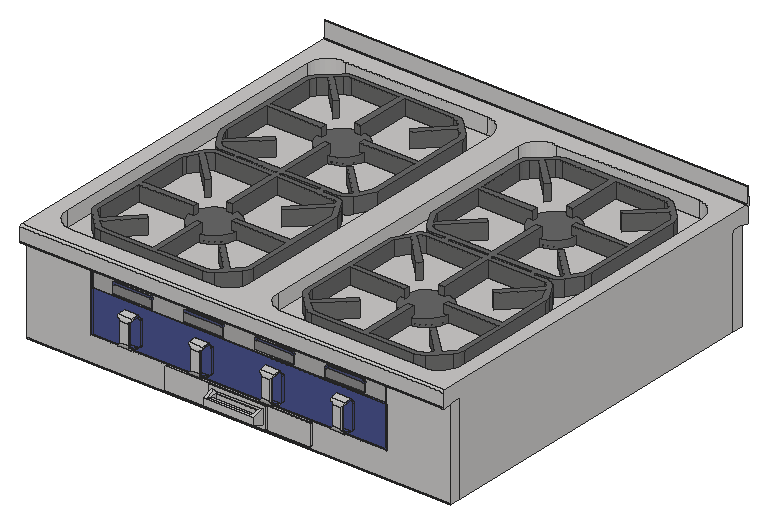
Revit family "QF_ELECTROLUXPROFESSIONAL_593314_MCGDACEOVI", category Specialty Equipment, Revit 2018
Family settings
  Round Connector Dimension = Use Diameter
  Part Type = Normal
  Work Plane-Based = No
  Always vertical = Yes
  Cut with Voids When Loaded = No
  Shared = No
  Room Calculation Point = No
Parameters (values of type "Standard")
  Weight = 41.00 kg
  Watts = 0 W
  Volts = 0 V
  URL Manufacturer = "http://professional.electrolux.com"
  URL = "http://professional.electrolux.com"
  Steam Supply Size = 0"
  Steam Supply Minimum Pressure = 0.00 psi
  Steam Supply Maximum Pressure = 0.00 psi
  Steam Pounds per Hour = 0
  Show Clearance [instance] = yes
  Refrigeration Suction Line Size = 0 mm
  Refrigeration Liquid Line Size = 0 mm
  Refrigerant Compressor Remote = yes
  Phase = 0
  Model = "MCGDACEOVI"
  Manufacturer = "Electrolux Professional"
  Length Actual = 500 mm  # constant formula
  Item Number = "593314"
  Hot Water Size = 0"
  Height Actual = 250 mm  # constant formula
  HP = "0 HP"
  Gas Size = 1/2"
  Gas KW = 17
  Gas Input Pressure = 1.63571 Btu/h
  Direct Waste Size = 0"
  Description = "GAS TOP,2B,TOWNGAS,ECO,2S,500X900X250"
  Depth Actual = 900 mm  # constant formula
  Cycle = 0 Hz
  Condensate Return Size = 0"
  Compressed Air Volume = 0 GPM
  Compressed Air Size = 0"
  Compressed Air Pressure = 0.00 psi
  Cold Water Size = 0"
  Back Panel [instance] = yes
  Accessory = yes
Reference planes
  plane 1 "BACK": y = 0
  plane 2: z = 0
  plane 3 "LEFT": x = 0
  plane 4 "RIGHT": x = 1000
  plane 5 "FRONT": y = -900
  plane 6 "TOP": z = 250
  plane 7: x = 500
  plane 8: y = -450
  plane 9: x = 965
  plane 10: y = -60.425
  plane 11: y = -1330
Forms (mm)
  Extrusion 1, solid, material "QF_Finishes_Stainless Steel"
    sketch origin (0, -487.128, 0) x (0, 1, 0) y (0, 0, 1)
      loop
        line (483.128, 250) -> (-408.872, 250)
        arc (-408.872, 250) -> (-411.7, 248.828) -> (-412.872, 246) r 4
        line (-412.872, 246) -> (-412.872, 214)
        arc (-412.872, 214) -> (-411.437, 210.931) -> (-408.161, 210.064) r 4
        line (-408.161, 210.064) -> (-392.872, 213) -> (-367.872, 213) -> (-367.872, 0) -> (441.714, 0) -> (441.714, 213) -> (465.765, 213) -> (482.433, 210.061)
        arc (482.433, 210.061) -> (485.699, 210.936) -> (487.128, 214) r 4
        line (487.128, 214) -> (487.128, 246)
        arc (487.128, 246) -> (485.956, 248.828) -> (483.128, 250) r 4
    from 0 to 1000
  Extrusion 2, solid, material "QF_Finishes_Stainless Steel", visible <- "Back Panel"
    sketch origin (0, 0.586, 0) x (0, 1, 0) y (0, 0, 1)
      loop
        line (-46, 0) -> (-21, 0) -> (-21, 212.833) -> (-21.949, 213) -> (-46, 213) -> (-46, 0)
    from 0 to 1000
  Extrusion 3, void
    sketch origin (653.786, 44.048, 250) x (1, 0, 0) y (0, -1, 0)
      loop
        line (-570.234, 89.462) -> (-234.333, 89.462)
        arc (-234.333, 89.462) -> (-199.707, 103.805) -> (-185.364, 138.432) r 48.97
        line (-185.364, 138.432) -> (-185.364, 850.078)
        arc (-185.364, 850.078) -> (-199.707, 884.705) -> (-234.333, 899.048) r 48.97
        line (-234.333, 899.048) -> (-570.234, 899.048)
        arc (-570.234, 899.048) -> (-605.59, 884.403) -> (-620.234, 849.048) r 50
        line (-620.234, 849.048) -> (-620.234, 139.462)
        arc (-620.234, 139.462) -> (-605.59, 104.107) -> (-570.234, 89.462) r 50
      loop
        line (264.679, 899.048) -> (-71.222, 899.048)
        arc (-71.222, 899.048) -> (-106.577, 884.403) -> (-121.222, 849.048) r 50
        line (-121.222, 849.048) -> (-121.222, 139.462)
        arc (-121.222, 139.462) -> (-106.577, 104.107) -> (-71.222, 89.462) r 50
        line (-71.222, 89.462) -> (264.679, 89.462)
        arc (264.679, 89.462) -> (299.306, 103.805) -> (313.649, 138.432) r 48.97
        line (313.649, 138.432) -> (313.649, 850.078)
        arc (313.649, 850.078) -> (299.306, 884.705) -> (264.679, 899.048) r 48.97
    from 0 to 37
  Extrusion 4, solid, material "QF_Finishes_Stainless Steel"
    sketch origin (10, -759, 0) x (1, 0, 0) y (0, -1, 0)
      loop
        circle (955, -169) r 6.35
    from 0 to 3.2
  Extrusion 5, solid, material "QF_Door-Drawer Clearances", visible <- "Show Clearance", detail levels coarse
    sketch origin (-178.969, -4572, 0) x (-1, 0, 0) y (0, -1, 0)
      loop
        line (-507.364, -3689.407) -> (-507.364, -3242) -> (-851.364, -3242) -> (-851.364, -3689.407) -> (-507.364, -3689.407)
    from 8.012 to 59.392
  Extrusion 6, solid, material "QF_Finishes_Stainless Steel"
    sketch origin (0, -950.048, 0) x (0, -1, 0) y (0, 0, -1)
      loop
        arc (-948.097, -252.006) -> (-947.511, -250.592) -> (-946.097, -250.006) r 2
        arc (-946.097, -250.006) -> (-948.877, -248.828) -> (-950.048, -246) r 4
        line (-950.048, -246) -> (-950.048, -288.006) -> (-948.097, -288.006) -> (-948.097, -252.006)
    from 0 to 1000
Cuts and joins
  Extrusion 3 cuts Extrusion 1
Lines and regions (mm)
  symbolic lines
    curve 1: line (0, 0, 0) -> (1000, 0, 0)
    curve 2: line (0, -900, 0) -> (0, 0, 0)
    curve 3: line (1000, -900, 0) -> (0, -900, 0)
    curve 4: line (1000, 0, 0) -> (1000, -900, 0)
    curve 5: arc (83.552, -855, 0) -> (48.197, -840.355, 0) -> (33.552, -805, 0) r 50
    curve 6: line (33.552, -805, 0) -> (33.552, -95.414, 0)
    curve 7: arc (33.552, -95.414, 0) -> (48.197, -60.059, 0) -> (83.552, -45.414, 0) r 50
    curve 8: line (83.552, -45.414, 0) -> (417.592, -45.414, 0)
    curve 9: arc (918.465, -45.414, 0) -> (953.092, -59.757, 0) -> (967.435, -94.384, 0) r 48.97
    curve 10: line (967.435, -94.384, 0) -> (967.435, -806.03, 0)
    curve 11: arc (967.435, -806.03, 0) -> (953.092, -840.657, 0) -> (918.465, -855, 0) r 48.97
    curve 12: line (918.465, -855, 0) -> (582.408, -855, 0)
    curve 13: line (582.408, -45.414, 0) -> (918.465, -45.414, 0)
    curve 14: line (417.592, -855, 0) -> (83.552, -855, 0)
    curve 15: arc (582.408, -855, 0) -> (547.053, -840.355, 0) -> (532.408, -805, 0) r 50
    curve 16: line (532.408, -805, 0) -> (532.408, -95.414, 0)
    curve 17: arc (532.408, -95.414, 0) -> (547.053, -60.059, 0) -> (582.408, -45.414, 0) r 50
    curve 18: arc (417.592, -855, 0) -> (452.947, -840.355, 0) -> (467.592, -805, 0) r 50
    curve 19: line (467.592, -805, 0) -> (467.592, -95.414, 0)
    curve 20: arc (467.592, -95.414, 0) -> (452.947, -60.059, 0) -> (417.592, -45.414, 0) r 50
    curve 21: line (0, -1.951, 0) -> (1000, -1.951, 0)
  symbolic lines, style "QF_Door-Drawer Clearances"
    curve 22: line (328.395, -900, 0) -> (328.395, -1330, 0)
    curve 23: line (328.395, -1330, 0) -> (672.395, -1330, 0)
    curve 24: line (672.395, -1330, 0) -> (672.395, -900, 0)
Dimensions and locks
  plane 3 "LEFT" to plane 4 "RIGHT" = 1000 mm
  plane 5 "FRONT" to plane 1 "BACK" = 900 mm
  equal spacing: plane 3 "LEFT", plane 7, plane 4 "RIGHT"
  equal spacing: plane 5 "FRONT", plane 8, plane 1 "BACK"
  plane 6 "TOP" to level = 250 mm  (x2)
  plane 1 "BACK" to plane 5 "FRONT" = 900 mm
  Extrusion 4 sketch curve to plane 1 "BACK" = 590 mm
  Extrusion 4 sketch curve to plane 4 "RIGHT" = 35 mm
  plane 1 "BACK" to Extrusion 4 = 590 mm
  plane 9 to plane 4 "RIGHT" = 35 mm
  plane 5 "FRONT" to plane 11 = 430 mm
  aligned and locked: level to plane 2
  aligned and locked: Extrusion 1 to plane 4 "RIGHT"
Automatic sketch dimensions
  Extrusion 1 sketch curve to plane 5 "FRONT" = 0 mm
  Extrusion 1 sketch curve to plane 6 "TOP" = 0 mm
  Extrusion 1 sketch curve to level = 0 mm
  Extrusion 1 sketch curve to plane 1 "BACK" = 0 mm
  Extrusion 1 sketch curve to plane 6 "TOP" = 37 mm  (x2)
  Extrusion 1 sketch curve to plane 5 "FRONT" = 4 mm
  Extrusion 1 sketch curve to plane 5 "FRONT" = 20 mm
  Extrusion 1 sketch curve to plane 5 "FRONT" = 45 mm
  plane 1 "BACK" to Extrusion 1 sketch curve = 21.363 mm
  plane 1 "BACK" to Extrusion 1 sketch curve = 4 mm  (x2)
  Extrusion 1 sketch curve to Extrusion 1 sketch curve = 4 mm
  Extrusion 1 sketch curve to Extrusion 1 sketch curve = 0.711 mm
  plane 1 "BACK" to Extrusion 1 sketch curve = 4.695 mm
  Extrusion 1 sketch curve to Extrusion 1 sketch curve = 0 mm  (x2)
  Extrusion 1 sketch curve to Extrusion 1 sketch curve = 1 mm  (x2)
  plane 1 "BACK" to Extrusion 1 sketch curve = 45.414 mm
  Extrusion 2 sketch curve to level = 0 mm
  plane 10 to Extrusion 2 sketch curve = 15.012 mm
  Extrusion 2 sketch curve to plane 6 "TOP" = 37.167 mm
  Extrusion 2 sketch curve to Extrusion 2 sketch curve = 0.949 mm
  plane 1 "BACK" to Extrusion 2 sketch curve = 20.414 mm
  Extrusion 2 sketch curve to plane 6 "TOP" = 37 mm
  Extrusion 5 sketch curve to plane 5 "FRONT" = 17.407 mm
  plane 7 to Extrusion 5 sketch curve = 172.395 mm
  Extrusion 5 sketch curve to plane 7 = 171.605 mm
  plane 5 "FRONT" to Extrusion 5 sketch curve = 430 mm
  Extrusion 6 sketch curve to plane 1 "BACK" = 0 mm  (x2)
  Extrusion 6 sketch curve to plane 6 "TOP" = 2.006 mm
  Extrusion 6 sketch curve to plane 6 "TOP" = 0 mm
  Extrusion 6 sketch curve to Extrusion 6 sketch curve = 1.951 mm
  Extrusion 6 sketch curve to Extrusion 6 sketch curve = 2 mm
  Extrusion 6 sketch curve to Extrusion 6 sketch curve = 0.049 mm
  Extrusion 6 sketch curve to Extrusion 6 sketch curve = 36 mm
  Extrusion 6 sketch curve to Extrusion 6 sketch curve = 0 mm
  plane 1 "BACK" to curve 1 = 0 mm
  curve 1 to plane 4 "RIGHT" = 0 mm
  curve 2 to plane 3 "LEFT" = 0 mm
  plane 5 "FRONT" to curve 2 = 0 mm
  curve 21 to plane 3 "LEFT" = 0 mm
  curve 10 to plane 9 = 2.435 mm
  plane 9 to curve 12 = 46.535 mm
  plane 10 to curve 13 = 15.012 mm
  plane 9 to curve 13 = 46.535 mm
  plane 7 to curve 12 = 82.408 mm
  plane 7 to curve 13 = 82.408 mm
  plane 7 to curve 16 = 32.408 mm
  curve 19 to plane 7 = 32.408 mm
  curve 14 to plane 5 "FRONT" = 45 mm
  curve 19 to curve 14 = 50 mm
  plane 10 to curve 8 = 15.012 mm
  curve 19 to curve 8 = 50 mm
  plane 3 "LEFT" to curve 8 = 83.552 mm
  plane 3 "LEFT" to curve 14 = 83.552 mm
  plane 3 "LEFT" to curve 6 = 33.552 mm
  curve 18 to curve 16 = 0 mm
  curve 1 to curve 21 = 1.951 mm
  Extrusion 1 to Extrusion 3 sketch curve = 33.552 mm
  Extrusion 1 to Extrusion 3 sketch curve = 41 mm  (x2)
  Extrusion 3 sketch curve to Extrusion 3 sketch curve = 50 mm  (x4)
  Extrusion 1 to Extrusion 3 sketch curve = 41.414 mm
  Extrusion 3 sketch curve to Extrusion 3 sketch curve = 335.901 mm  (x2)
  Extrusion 3 sketch curve to Extrusion 3 sketch curve = 48.97 mm
  Extrusion 3 sketch curve to Extrusion 3 sketch curve = 64.142 mm
  Extrusion 1 to Extrusion 3 sketch curve = 81.535 mm  (x2)
  Extrusion 1 to Extrusion 3 sketch curve = 32.565 mm
  Extrusion 3 sketch curve to Extrusion 3 sketch curve = 1.03 mm
  curve 23 to plane 11 = 0 mm
  curve 23 to plane 7 = 171.605 mm
  plane 7 to curve 23 = 172.395 mm
  curve 22 to plane 5 "FRONT" = 0 mm
  curve 24 to plane 5 "FRONT" = 0 mm
  radius of Extrusion 4 sketch curve = 6.35 mm
Nested families
  nested 1: "OBT_900_Open Burner" at (250, -450.207, -649.319), type "OBT_900_Open Burner"
  nested 2: "OBT_900_Open Burner" at (750, -450.207, -649.319) x (-1, 0, 0) z (0, 0, 1), type "OBT_900_Open Burner"
  nested 3: "EG_900_1000_Four Range Control Handle Front Panel" at (202.376, -855, -650), type "EG_900_1000_Four Range Control Handle Front Panel"
Connectors
  piping at (965, -590, -3.2), diameter 12.8
    settings: on Extrusion 4, index 1, connector inside diameter 0.50394", connector length 0 mm, flow factor 0, pipe flow 0 GPM, pressure drop 0.00 psi, fitting loss kfactor 0, connector angle 0.00°, fixture units 0, engagement length 0 mm, angle of deflection 0.00°, flow configuration 1, flow direction 1, fitting loss method 0, system type 7, joint type 0, gender type 0, connector reference index -1, connector utility 0, adjustable connector no, is connector primary yes, connector description "GAS CONNECTION"
Definition of nested family "OBT_900_Open Burner"
  Reference planes
    plane 1 "Center (Front/Back)": y = 0
    plane 2: z = 0
    plane 3 "Center (Left/Right)": x = 0
    plane 4: x = -186.448
    plane 5: x = 187.435
    plane 6: y = 374.793
    plane 7: y = -374.793
    plane 8: y = -188.326
  Forms (mm)
    Extrusion 1, solid
      sketch origin (2130.573, 56.896, -679.622) x (1, 0, 0) y (0, 1, 0)
        loop
          line (-2137.44, 306.49) -> (-2250.793, 306.49)
          arc (-2250.793, 306.49) -> (-2257.908, 305.075) -> (-2263.94, 301.044) r 18.593
          line (-2263.94, 301.044) -> (-2276.233, 288.751) -> (-2213.48, 225.998) -> (-2221.6, 217.877) -> (-2284.354, 280.631) -> (-2300.33, 264.654)
          arc (-2300.33, 264.654) -> (-2304.433, 258.337) -> (-2305.614, 250.897) r 18.125
          line (-2305.614, 250.897) -> (-2305.614, 138.422) -> (-2175.79, 138.422) -> (-2175.79, 126.938) -> (-2305.614, 126.938) -> (-2305.614, 10.897)
          arc (-2305.614, 10.897) -> (-2304.981, 6.085) -> (-2303.123, 1.601) r 18.593
          line (-2303.123, 1.601) -> (-2290.078, -20.994) -> (-2221.6, 47.483) -> (-2213.48, 39.363) -> (-2284.012, -31.169)
          arc (-2284.012, -31.169) -> (-2278.546, -38.527) -> (-2270.23, -42.379) r 18.593
          line (-2270.23, -42.379) -> (-2137.44, -42.379) -> (-2137.44, 87.464) -> (-2123.707, 87.464) -> (-2123.707, -42.379) -> (-1989.813, -42.379)
          arc (-1989.813, -42.379) -> (-1981.496, -38.527) -> (-1976.031, -31.169) r 18.593
          line (-1976.031, -31.169) -> (-2047.115, 39.915) -> (-2038.994, 48.035) -> (-1969.962, -20.997) -> (-1954.428, 5.916) -> (-1954.428, 126.938) -> (-2085.357, 126.938) -> (-2085.357, 138.422) -> (-1954.428, 138.422) -> (-1954.428, 247.888)
          arc (-1954.428, 247.888) -> (-1956.538, 258.496) -> (-1962.547, 267.489) r 27.72
          line (-1962.547, 267.489) -> (-1975.689, 280.631) -> (-2038.994, 217.325) -> (-2047.115, 225.446) -> (-1983.809, 288.751) -> (-1996.102, 301.044)
          arc (-1996.102, 301.044) -> (-2002.134, 305.075) -> (-2009.25, 306.49) r 18.593
          line (-2009.25, 306.49) -> (-2123.707, 306.49) -> (-2123.707, 177.897) -> (-2137.44, 177.897) -> (-2137.44, 306.49)
        loop
          arc (-2317.021, 10.897) -> (-2315.999, 3.132) -> (-2313.002, -4.103) r 30
          line (-2313.002, -4.103) -> (-2292.795, -39.103)
          arc (-2292.795, -39.103) -> (-2281.814, -50.084) -> (-2266.814, -54.103) r 30
          line (-2266.814, -54.103) -> (-2239.287, -54.103)
          arc (-2239.287, -54.103) -> (-2238.243, -56) -> (-2236.272, -56.896) r 3.438
          arc (-2236.272, -56.896) -> (-2238.243, -57.792) -> (-2239.287, -59.689) r 3.438
          line (-2239.287, -59.689) -> (-2266.814, -59.689)
          arc (-2266.814, -59.689) -> (-2281.814, -63.708) -> (-2292.795, -74.689) r 30
          line (-2292.795, -74.689) -> (-2313.002, -109.689)
          arc (-2313.002, -109.689) -> (-2315.999, -116.924) -> (-2317.021, -124.689) r 30
          line (-2317.021, -124.689) -> (-2317.021, -365.461)
          arc (-2317.021, -365.461) -> (-2314.738, -376.941) -> (-2308.234, -386.674) r 30
          line (-2308.234, -386.674) -> (-2271.975, -422.933)
          arc (-2271.975, -422.933) -> (-2262.253, -429.414) -> (-2250.793, -431.689) r 30
          line (-2250.793, -431.689) -> (-2009.25, -431.689)
          arc (-2009.25, -431.689) -> (-1997.786, -429.412) -> (-1988.062, -422.928) r 30
          line (-1988.062, -422.928) -> (-1951.808, -386.674)
          arc (-1951.808, -386.674) -> (-1945.305, -376.941) -> (-1942.982, -365.461) r 30
          line (-1942.982, -365.461) -> (-1942.982, -116.719) -> (-1967.248, -74.689)
          arc (-1967.248, -74.689) -> (-1978.229, -63.708) -> (-1993.229, -59.689) r 30
          line (-1993.229, -59.689) -> (-2020.319, -59.689)
          arc (-2020.319, -59.689) -> (-2021.979, -57.759) -> (-2024.375, -56.896) r 5
          arc (-2024.375, -56.896) -> (-2021.979, -56.033) -> (-2020.319, -54.103) r 5
          line (-2020.319, -54.103) -> (-1993.229, -54.103)
          arc (-1993.229, -54.103) -> (-1978.229, -50.084) -> (-1967.248, -39.103) r 30
          line (-1967.248, -39.103) -> (-1943.138, 2.656) -> (-1943.138, 254.314)
          arc (-1943.138, 254.314) -> (-1945.839, 264.361) -> (-1951.808, 272.882) r 30
          line (-1951.808, 272.882) -> (-1988.062, 309.136)
          arc (-1988.062, 309.136) -> (-1997.786, 315.62) -> (-2009.25, 317.897) r 30
          line (-2009.25, 317.897) -> (-2250.793, 317.897)
          arc (-2250.793, 317.897) -> (-2262.253, 315.622) -> (-2271.975, 309.141) r 30
          line (-2271.975, 309.141) -> (-2308.234, 272.882)
          arc (-2308.234, 272.882) -> (-2314.738, 263.149) -> (-2317.021, 251.669) r 30
          line (-2317.021, 251.669) -> (-2317.021, 10.897)
        loop
          arc (-2122.397, -54.103) -> (-2124.057, -56.033) -> (-2126.452, -56.896) r 5
          arc (-2126.452, -56.896) -> (-2124.057, -57.759) -> (-2122.397, -59.689) r 5
          line (-2122.397, -59.689) -> (-2035.829, -59.689)
          arc (-2035.829, -59.689) -> (-2034.784, -57.792) -> (-2032.813, -56.896) r 3.438
          arc (-2032.813, -56.896) -> (-2034.784, -56) -> (-2035.829, -54.103) r 3.438
          line (-2035.829, -54.103) -> (-2122.397, -54.103)
        loop
          arc (-2223.778, -54.103) -> (-2225.438, -56.033) -> (-2227.833, -56.896) r 5
          arc (-2227.833, -56.896) -> (-2225.438, -57.759) -> (-2223.778, -59.689) r 5
          line (-2223.778, -59.689) -> (-2137.906, -59.689)
          arc (-2137.906, -59.689) -> (-2136.862, -57.792) -> (-2134.891, -56.896) r 3.438
          arc (-2134.891, -56.896) -> (-2136.862, -56) -> (-2137.906, -54.103) r 3.438
          line (-2137.906, -54.103) -> (-2223.778, -54.103)
        loop
          line (-2137.44, -420.282) -> (-2137.44, -290.439) -> (-2123.707, -290.439) -> (-2123.707, -420.282) -> (-2009.25, -420.282)
          arc (-2009.25, -420.282) -> (-2002.134, -418.867) -> (-1996.102, -414.836) r 18.593
          line (-1996.102, -414.836) -> (-1983.184, -401.918) -> (-2047.115, -337.988) -> (-2038.994, -329.867) -> (-1975.064, -393.798) -> (-1962.547, -381.281)
          arc (-1962.547, -381.281) -> (-1956.538, -372.288) -> (-1954.428, -361.68) r 27.72
          line (-1954.428, -361.68) -> (-1954.428, -250.964) -> (-2085.357, -250.964) -> (-2085.357, -239.48) -> (-1954.428, -239.48) -> (-1954.428, -119.708) -> (-1970.42, -92.003) -> (-2038.994, -160.577) -> (-2047.115, -152.457) -> (-1976.413, -81.755)
          arc (-1976.413, -81.755) -> (-1981.868, -74.971) -> (-1989.813, -71.413) r 18.593
          line (-1989.813, -71.413) -> (-2123.707, -71.413) -> (-2123.707, -200.006) -> (-2137.44, -200.006) -> (-2137.44, -71.413) -> (-2270.23, -71.413)
          arc (-2270.23, -71.413) -> (-2278.175, -74.971) -> (-2283.629, -81.755) r 18.593
          line (-2283.629, -81.755) -> (-2213.48, -151.905) -> (-2221.6, -160.025) -> (-2289.62, -92.005) -> (-2303.123, -115.393)
          arc (-2303.123, -115.393) -> (-2304.981, -119.877) -> (-2305.614, -124.689) r 18.593
          line (-2305.614, -124.689) -> (-2305.614, -239.48) -> (-2175.79, -239.48) -> (-2175.79, -250.964) -> (-2305.614, -250.964) -> (-2305.614, -364.689)
          arc (-2305.614, -364.689) -> (-2304.433, -372.129) -> (-2300.33, -378.446) r 18.125
          line (-2300.33, -378.446) -> (-2284.979, -393.798) -> (-2221.6, -330.419) -> (-2213.48, -338.54) -> (-2276.858, -401.918) -> (-2263.94, -414.836)
          arc (-2263.94, -414.836) -> (-2257.908, -418.867) -> (-2250.793, -420.282) r 18.593
          line (-2250.793, -420.282) -> (-2137.44, -420.282)
      from 1542.072 to 1578.941
    Extrusion 2, solid
      sketch origin (2130.573, 61.122, 0) x (1, 0, 0) y (0, 1, 0)
        loop
          circle (-2130.573, -249.448) r 55
        loop
          circle (-2130.573, 128.455) r 55
      from 862.45 to 879.837
    Extrusion 3, void
      sketch origin (-124.371, -355.785, -22.784) x (-0.587785, -0.809017, 0) y (0, 0, 1)
        loop
          circle (-213.495, 891.283) r 1
      from -67.69 to -35.114
    Extrusion 4, void
      sketch origin (-89.903, -376.417, -22.784) x (-0.422618, -0.906308, 0) y (0, 0, 1)
        loop
          circle (-213.495, 891.283) r 1
      from -74.826 to -35.114
    Extrusion 5, void
      sketch origin (-52.131, -390.093, -22.784) x (-0.241922, -0.970296, 0) y (0, 0, 1)
        loop
          circle (-213.495, 891.283) r 1
      from -67.69 to -35.114
    Extrusion 6, void
      sketch origin (27.702, -394.842, -22.784) x (0.139173, -0.990268, 0) y (0, 0, 1)
        loop
          circle (-213.495, 891.283) r 1
      from -67.69 to -35.114
    Extrusion 7, void
      sketch origin (66.829, -385.74, -22.784) x (0.325568, -0.945519, 0) y (0, 0, 1)
        loop
          circle (-213.495, 891.283) r 1
      from -67.69 to -35.114
    Extrusion 8, void
      sketch origin (103.5, -369.339, -22.784) x (0.5, -0.866025, 0) y (0, 0, 1)
        loop
          circle (-213.495, 891.283) r 1
      from -67.69 to -35.114
    Extrusion 9, void
      sketch origin (136.368, -346.242, -22.784) x (0.656059, -0.75471, 0) y (0, 0, 1)
        loop
          circle (-213.495, 891.283) r 1
      from -67.69 to -35.114
    Extrusion 10, void
      sketch origin (164.225, -317.298, -22.784) x (0.788011, -0.615661, 0) y (0, 0, 1)
        loop
          circle (-213.495, 891.283) r 1
      from -67.69 to -35.114
    Extrusion 11, void
      sketch origin (186.048, -283.571, -22.784) x (0.891007, -0.45399, 0) y (0, 0, 1)
        loop
          circle (-213.495, 891.283) r 1
      from -67.69 to -35.114
    Extrusion 12, void
      sketch origin (201.034, -246.299, -22.784) x (0.961262, -0.275637, 0) y (0, 0, 1)
        loop
          circle (-213.495, 891.283) r 1
      from -67.69 to -35.114
    Extrusion 13, void
      sketch origin (208.566, -166.681, -22.784) x (0.994522, 0.104528, 0) y (0, 0, 1)
        loop
          circle (-213.495, 891.283) r 1
      from -67.69 to -35.114
    Extrusion 14, void
      sketch origin (200.835, -127.26, -22.784) x (0.956305, 0.292372, 0) y (0, 0, 1)
        loop
          circle (-213.495, 891.283) r 1
      from -67.69 to -35.114
    Extrusion 15, void
      sketch origin (185.724, -90.039, -22.784) x (0.882948, 0.469472, 0) y (0, 0, 1)
        loop
          circle (-213.495, 891.283) r 1
      from -67.69 to -35.114
    Extrusion 16, void
      sketch origin (163.788, -56.385, -22.784) x (0.777146, 0.62932, 0) y (0, 0, 1)
        loop
          circle (-213.495, 891.283) r 1
      from -67.69 to -35.114
    Extrusion 17, void
      sketch origin (135.834, -27.534, -22.784) x (0.642788, 0.766044, 0) y (0, 0, 1)
        loop
          circle (-213.495, 891.283) r 1
      from -67.69 to -35.114
    Extrusion 18, void
      sketch origin (102.889, -4.548, -22.784) x (0.48481, 0.87462, 0) y (0, 0, 1)
        loop
          circle (-213.495, 891.283) r 1
      from -67.69 to -35.114
    Extrusion 19, void
      sketch origin (66.163, 11.73, -22.784) x (0.309017, 0.951057, 0) y (0, 0, 1)
        loop
          circle (-213.495, 891.283) r 1
      from -67.69 to -35.114
    Extrusion 20, void
      sketch origin (-52.811, 15.685, -22.784) x (-0.258819, 0.965926, 0) y (0, 0, 1)
        loop
          circle (-213.495, 891.283) r 1
      from -67.69 to -35.114
    Extrusion 21, void
      sketch origin (-90.537, 1.882, -22.784) x (-0.438371, 0.898794, 0) y (0, 0, 1)
        loop
          circle (-213.495, 891.283) r 1
      from -67.69 to -35.114
    Extrusion 22, void
      sketch origin (-124.936, -18.865, -22.784) x (-0.601815, 0.798636, 0) y (0, 0, 1)
        loop
          circle (-213.495, 891.283) r 1
      from -67.69 to -35.114
    Extrusion 23, void
      sketch origin (-154.744, -45.796, -22.784) x (-0.743145, 0.669131, 0) y (0, 0, 1)
        loop
          circle (-213.495, 891.283) r 1
      from -67.69 to -35.114
    Extrusion 24, void
      sketch origin (-178.866, -77.919, -22.784) x (-0.857167, 0.515038, 0) y (0, 0, 1)
        loop
          circle (-213.495, 891.283) r 1
      from -67.69 to -35.114
    Extrusion 25, void
      sketch origin (-196.416, -114.054, -22.784) x (-0.939693, 0.34202, 0) y (0, 0, 1)
        loop
          circle (-213.495, 891.283) r 1
      from -67.69 to -35.114
    Extrusion 26, void
      sketch origin (-204.521, -232.817, -22.784) x (-0.97437, -0.224951, 0) y (0, 0, 1)
        loop
          circle (-213.495, 891.283) r 1
      from -67.69 to -35.114
    Extrusion 27, void
      sketch origin (-192.043, -271.002, -22.784) x (-0.913545, -0.406737, 0) y (0, 0, 1)
        loop
          circle (-213.495, 891.283) r 1
      from -67.69 to -35.114
    Extrusion 28, void
      sketch origin (-172.509, -306.104, -22.784) x (-0.819152, -0.573576, 0) y (0, 0, 1)
        loop
          circle (-213.495, 891.283) r 1
      from -67.69 to -35.114
    Extrusion 29, void
      sketch origin (-146.635, -336.834, -22.784) x (-0.694658, -0.71934, 0) y (0, 0, 1)
        loop
          circle (-213.495, 891.283) r 1
      from -67.69 to -35.114
    Extrusion 30, void
      sketch origin (-124.371, 22.118, -22.784) x (-0.587785, -0.809017, 0) y (0, 0, 1)
        loop
          circle (-213.495, 891.283) r 1
      from -67.69 to -35.114
    Extrusion 31, void
      sketch origin (-89.903, 1.485, -22.784) x (-0.422618, -0.906308, 0) y (0, 0, 1)
        loop
          circle (-213.495, 891.283) r 1
      from -74.826 to -35.114
    Extrusion 32, void
      sketch origin (-52.131, -12.191, -22.784) x (-0.241922, -0.970296, 0) y (0, 0, 1)
        loop
          circle (-213.495, 891.283) r 1
      from -67.69 to -35.114
    Extrusion 33, void
      sketch origin (27.702, -16.939, -22.784) x (0.139173, -0.990268, 0) y (0, 0, 1)
        loop
          circle (-213.495, 891.283) r 1
      from -67.69 to -35.114
    Extrusion 34, void
      sketch origin (66.829, -7.837, -22.784) x (0.325568, -0.945519, 0) y (0, 0, 1)
        loop
          circle (-213.495, 891.283) r 1
      from -67.69 to -35.114
    Extrusion 35, void
      sketch origin (103.5, 8.564, -22.784) x (0.5, -0.866025, 0) y (0, 0, 1)
        loop
          circle (-213.495, 891.283) r 1
      from -67.69 to -35.114
    Extrusion 36, void
      sketch origin (136.368, 31.66, -22.784) x (0.656059, -0.75471, 0) y (0, 0, 1)
        loop
          circle (-213.495, 891.283) r 1
      from -67.69 to -35.114
    Extrusion 37, void
      sketch origin (164.225, 60.604, -22.784) x (0.788011, -0.615661, 0) y (0, 0, 1)
        loop
          circle (-213.495, 891.283) r 1
      from -67.69 to -35.114
    Extrusion 38, void
      sketch origin (186.048, 94.332, -22.784) x (0.891007, -0.45399, 0) y (0, 0, 1)
        loop
          circle (-213.495, 891.283) r 1
      from -67.69 to -35.114
    Extrusion 39, void
      sketch origin (201.034, 131.603, -22.784) x (0.961262, -0.275637, 0) y (0, 0, 1)
        loop
          circle (-213.495, 891.283) r 1
      from -67.69 to -35.114
    Extrusion 40, void
      sketch origin (208.566, 211.222, -22.784) x (0.994522, 0.104528, 0) y (0, 0, 1)
        loop
          circle (-213.495, 891.283) r 1
      from -67.69 to -35.114
    Extrusion 41, void
      sketch origin (200.835, 250.642, -22.784) x (0.956305, 0.292372, 0) y (0, 0, 1)
        loop
          circle (-213.495, 891.283) r 1
      from -67.69 to -35.114
    Extrusion 42, void
      sketch origin (185.724, 287.864, -22.784) x (0.882948, 0.469472, 0) y (0, 0, 1)
        loop
          circle (-213.495, 891.283) r 1
      from -67.69 to -35.114
    Extrusion 43, void
      sketch origin (163.788, 321.518, -22.784) x (0.777146, 0.62932, 0) y (0, 0, 1)
        loop
          circle (-213.495, 891.283) r 1
      from -67.69 to -35.114
    Extrusion 44, void
      sketch origin (135.834, 350.368, -22.784) x (0.642788, 0.766044, 0) y (0, 0, 1)
        loop
          circle (-213.495, 891.283) r 1
      from -67.69 to -35.114
    Extrusion 45, void
      sketch origin (102.889, 373.355, -22.784) x (0.48481, 0.87462, 0) y (0, 0, 1)
        loop
          circle (-213.495, 891.283) r 1
      from -67.69 to -35.114
    Extrusion 46, void
      sketch origin (66.163, 389.633, -22.784) x (0.309017, 0.951057, 0) y (0, 0, 1)
        loop
          circle (-213.495, 891.283) r 1
      from -67.69 to -35.114
    Extrusion 47, void
      sketch origin (-52.811, 393.588, -22.784) x (-0.258819, 0.965926, 0) y (0, 0, 1)
        loop
          circle (-213.495, 891.283) r 1
      from -67.69 to -35.114
    Extrusion 48, void
      sketch origin (-90.537, 379.785, -22.784) x (-0.438371, 0.898794, 0) y (0, 0, 1)
        loop
          circle (-213.495, 891.283) r 1
      from -67.69 to -35.114
    Extrusion 49, void
      sketch origin (-124.936, 359.037, -22.784) x (-0.601815, 0.798636, 0) y (0, 0, 1)
        loop
          circle (-213.495, 891.283) r 1
      from -67.69 to -35.114
    Extrusion 50, void
      sketch origin (-154.744, 332.107, -22.784) x (-0.743145, 0.669131, 0) y (0, 0, 1)
        loop
          circle (-213.495, 891.283) r 1
      from -67.69 to -35.114
    Extrusion 51, void
      sketch origin (-178.866, 299.984, -22.784) x (-0.857167, 0.515038, 0) y (0, 0, 1)
        loop
          circle (-213.495, 891.283) r 1
      from -67.69 to -35.114
    Extrusion 52, void
      sketch origin (-196.416, 263.848, -22.784) x (-0.939693, 0.34202, 0) y (0, 0, 1)
        loop
          circle (-213.495, 891.283) r 1
      from -67.69 to -35.114
    Extrusion 53, void
      sketch origin (-204.521, 145.086, -22.784) x (-0.97437, -0.224951, 0) y (0, 0, 1)
        loop
          circle (-213.495, 891.283) r 1
      from -67.69 to -35.114
    Extrusion 54, void
      sketch origin (-192.043, 106.901, -22.784) x (-0.913545, -0.406737, 0) y (0, 0, 1)
        loop
          circle (-213.495, 891.283) r 1
      from -67.69 to -35.114
    Extrusion 55, void
      sketch origin (-172.509, 71.798, -22.784) x (-0.819152, -0.573576, 0) y (0, 0, 1)
        loop
          circle (-213.495, 891.283) r 1
      from -67.69 to -35.114
    Extrusion 56, void
      sketch origin (-146.635, 41.068, -22.784) x (-0.694658, -0.71934, 0) y (0, 0, 1)
        loop
          circle (-213.495, 891.283) r 1
      from -67.69 to -35.114
  Cuts and joins
    Extrusion 3, Extrusion 4, Extrusion 5, Extrusion 6, Extrusion 7, Extrusion 8, Extrusion 9, Extrusion 10, Extrusion 11, Extrusion 12, Extrusion 13, Extrusion 14, Extrusion 15, Extrusion 16, Extrusion 17, Extrusion 18, Extrusion 19, Extrusion 20, Extrusion 21, Extrusion 22, Extrusion 23, Extrusion 24, Extrusion 25, Extrusion 26, Extrusion 27, Extrusion 28, Extrusion 29, Extrusion 30, Extrusion 31, Extrusion 32, Extrusion 33, Extrusion 34, Extrusion 35, Extrusion 36, Extrusion 37, Extrusion 38, Extrusion 39, Extrusion 40, Extrusion 41, Extrusion 42, Extrusion 43, Extrusion 44, Extrusion 45, Extrusion 46, Extrusion 47, Extrusion 48, Extrusion 49, Extrusion 50, Extrusion 51, Extrusion 52, Extrusion 53, Extrusion 54, Extrusion 55, Extrusion 56 cuts Extrusion 2
    Extrusion 32 cuts Extrusion 1
  Lines and regions (mm)
    symbolic lines
      curve 1: arc (54.699, -182.584, 0) -> (39.289, -149.838, 0) -> (6.867, -133.757, 0) r 55
      curve 2: arc (-54.699, -194.068, 0) -> (-39.289, -226.815, 0) -> (-6.867, -242.896, 0) r 55
      curve 3: line (45.217, -194.068, 0) -> (176.145, -194.068, 0)
      curve 4: line (176.145, -194.068, 0) -> (176.145, -304.784, 0)
      curve 5: arc (176.145, -304.784, 0) -> (174.035, -315.392, 0) -> (168.026, -324.385, 0) r 27.72
      curve 6: line (168.026, -324.385, 0) -> (155.51, -336.902, 0)
      curve 7: line (155.51, -336.902, 0) -> (91.579, -272.971, 0)
      curve 8: line (83.459, -281.092, 0) -> (147.389, -345.022, 0)
      curve 9: line (147.389, -345.022, 0) -> (134.471, -357.94, 0)
      curve 10: arc (134.471, -357.94, 0) -> (128.439, -361.971, 0) -> (121.324, -363.386, 0) r 18.593
      curve 11: line (121.324, -363.386, 0) -> (6.867, -363.386, 0)
      curve 12: line (6.867, -363.386, 0) -> (6.867, -233.543, 0)
      curve 13: line (-6.867, -233.543, 0) -> (-6.867, -363.386, 0)
      curve 14: line (-6.867, -363.386, 0) -> (-120.219, -363.386, 0)
      curve 15: arc (-120.219, -363.386, 0) -> (-127.335, -361.971, 0) -> (-133.367, -357.94, 0) r 18.593
      curve 16: line (-133.367, -357.94, 0) -> (-146.285, -345.022, 0)
      curve 17: line (-146.285, -345.022, 0) -> (-82.906, -281.644, 0)
      curve 18: line (-91.027, -273.523, 0) -> (-154.405, -336.902, 0)
      curve 19: line (-154.405, -336.902, 0) -> (-169.757, -321.55, 0)
      curve 20: arc (-169.757, -321.55, 0) -> (-173.86, -315.233, 0) -> (-175.041, -307.793, 0) r 18.125
      curve 21: line (-175.041, -307.793, 0) -> (-175.041, -194.068, 0)
      curve 22: line (-175.041, -194.068, 0) -> (-45.217, -194.068, 0)
      curve 23: line (-45.217, -182.584, 0) -> (-175.041, -182.584, 0)
      curve 24: line (-175.041, -182.584, 0) -> (-175.041, -67.793, 0)
      curve 25: arc (-175.041, -67.793, 0) -> (-174.407, -62.981, 0) -> (-172.55, -58.497, 0) r 18.593
      curve 26: line (-172.55, -58.497, 0) -> (-159.047, -35.109, 0)
      curve 27: line (-159.047, -35.109, 0) -> (-91.027, -103.129, 0)
      curve 28: line (-82.906, -95.009, 0) -> (-153.056, -24.859, 0)
      curve 29: arc (-153.056, -24.859, 0) -> (-147.601, -18.075, 0) -> (-139.656, -14.517, 0) r 18.593
      curve 30: line (-139.656, -14.517, 0) -> (-6.867, -14.517, 0)
      curve 31: line (-6.867, -14.517, 0) -> (-6.867, -143.11, 0)
      curve 32: line (6.867, -143.11, 0) -> (6.867, -14.517, 0)
      curve 33: line (6.867, -14.517, 0) -> (140.761, -14.517, 0)
      curve 34: arc (140.761, -14.517, 0) -> (148.706, -18.075, 0) -> (154.16, -24.859, 0) r 18.593
      curve 35: line (154.16, -24.859, 0) -> (83.459, -95.561, 0)
      curve 36: line (91.579, -103.681, 0) -> (160.154, -35.107, 0)
      curve 37: line (160.154, -35.107, 0) -> (176.145, -62.812, 0)
      curve 38: line (176.145, -62.812, 0) -> (176.145, -182.584, 0)
      curve 39: line (176.145, -182.584, 0) -> (45.217, -182.584, 0)
      curve 40: line (187.592, -59.823, 0) -> (163.326, -17.793, 0)
      curve 41: arc (163.326, -17.793, 0) -> (152.345, -6.812, 0) -> (137.345, -2.793, 0) r 30
      curve 42: line (137.345, -2.793, 0) -> (110.254, -2.793, 0)
      curve 43: arc (110.254, -2.793, 0) -> (108.594, -0.863, 0) -> (106.199, 0, 0) r 5
      curve 44: arc (106.199, 0, 0) -> (108.594, 0.863, 0) -> (110.254, 2.793, 0) r 5
      curve 45: line (110.254, 2.793, 0) -> (137.345, 2.793, 0)
      curve 46: arc (137.345, 2.793, 0) -> (152.345, 6.812, 0) -> (163.326, 17.793, 0) r 30
      curve 47: line (163.326, 17.793, 0) -> (187.435, 59.552, 0)
      curve 48: line (187.435, 59.552, 0) -> (187.435, 311.21, 0)
      curve 49: arc (187.435, 311.21, 0) -> (184.735, 321.257, 0) -> (178.765, 329.778, 0) r 30
      curve 50: line (178.765, 329.778, 0) -> (142.511, 366.032, 0)
      curve 51: arc (142.511, 366.032, 0) -> (132.788, 372.516, 0) -> (121.324, 374.793, 0) r 30
      curve 52: line (121.324, 374.793, 0) -> (-120.219, 374.793, 0)
      curve 53: arc (-120.219, 374.793, 0) -> (-131.68, 372.518, 0) -> (-141.401, 366.037, 0) r 30
      curve 54: line (-141.401, 366.037, 0) -> (-177.661, 329.778, 0)
      curve 55: arc (-177.661, 329.778, 0) -> (-184.164, 320.045, 0) -> (-186.448, 308.565, 0) r 30
      curve 56: line (-186.448, 308.565, 0) -> (-186.448, 67.793, 0)
      curve 57: arc (-186.448, 67.793, 0) -> (-185.426, 60.028, 0) -> (-182.429, 52.793, 0) r 30
      curve 58: line (-182.429, 52.793, 0) -> (-162.221, 17.793, 0)
      curve 59: arc (-162.221, 17.793, 0) -> (-151.241, 6.812, 0) -> (-136.241, 2.793, 0) r 30
      curve 60: line (-136.241, 2.793, 0) -> (-108.714, 2.793, 0)
      curve 61: arc (-108.714, 2.793, 0) -> (-107.669, 0.896, 0) -> (-105.698, 0, 0) r 3.438
      curve 62: arc (-105.698, 0, 0) -> (-107.669, -0.896, 0) -> (-108.714, -2.793, 0) r 3.438
      curve 63: line (-108.714, -2.793, 0) -> (-136.241, -2.793, 0)
      curve 64: arc (-136.241, -2.793, 0) -> (-151.241, -6.812, 0) -> (-162.221, -17.793, 0) r 30
      curve 65: line (-162.221, -17.793, 0) -> (-182.429, -52.793, 0)
      curve 66: arc (-182.429, -52.793, 0) -> (-185.426, -60.028, 0) -> (-186.448, -67.793, 0) r 30
      curve 67: line (-186.448, -67.793, 0) -> (-186.448, -308.565, 0)
      curve 68: arc (-186.448, -308.565, 0) -> (-184.164, -320.045, 0) -> (-177.661, -329.778, 0) r 30
      curve 69: line (-177.661, -329.778, 0) -> (-141.401, -366.037, 0)
      curve 70: arc (-141.401, -366.037, 0) -> (-131.68, -372.518, 0) -> (-120.219, -374.793, 0) r 30
      curve 71: line (-120.219, -374.793, 0) -> (121.324, -374.793, 0)
      curve 72: arc (121.324, -374.793, 0) -> (132.788, -372.516, 0) -> (142.511, -366.032, 0) r 30
      curve 73: line (142.511, -366.032, 0) -> (178.765, -329.778, 0)
      curve 74: arc (178.765, -329.778, 0) -> (185.269, -320.045, 0) -> (187.552, -308.565, 0) r 30
      curve 75: line (187.592, -308.565, 0) -> (187.592, -59.823, 0)
      curve 76: line (94.745, -2.793, 0) -> (8.177, -2.793, 0)
      curve 77: arc (8.177, -2.793, 0) -> (6.517, -0.863, 0) -> (4.121, 0, 0) r 5
      curve 78: arc (4.121, 0, 0) -> (6.517, 0.863, 0) -> (8.177, 2.793, 0) r 5
      curve 79: line (8.177, 2.793, 0) -> (94.745, 2.793, 0)
      curve 80: arc (94.745, 2.793, 0) -> (95.789, 0.896, 0) -> (97.76, 0, 0) r 3.438
      curve 81: arc (97.76, 0, 0) -> (95.789, -0.896, 0) -> (94.745, -2.793, 0) r 3.438
      curve 82: line (-7.333, -2.793, 0) -> (-93.204, -2.793, 0)
      curve 83: arc (-93.204, -2.793, 0) -> (-94.864, -0.863, 0) -> (-97.26, 0, 0) r 5
      curve 84: arc (-97.26, 0, 0) -> (-94.864, 0.863, 0) -> (-93.204, 2.793, 0) r 5
      curve 85: line (-93.204, 2.793, 0) -> (-7.333, 2.793, 0)
      curve 86: arc (-7.333, 2.793, 0) -> (-6.288, 0.896, 0) -> (-4.317, 0, 0) r 3.438
      curve 87: arc (-4.317, 0, 0) -> (-6.288, -0.896, 0) -> (-7.333, -2.793, 0) r 3.438
      curve 88: line (-6.867, 14.517, 0) -> (-139.656, 14.517, 0)
      curve 89: arc (-139.656, 14.517, 0) -> (-147.973, 18.369, 0) -> (-153.438, 25.727, 0) r 18.593
      curve 90: line (-153.438, 25.727, 0) -> (-82.906, 96.259, 0)
      curve 91: line (-91.027, 104.379, 0) -> (-159.504, 35.902, 0)
      curve 92: line (-159.504, 35.902, 0) -> (-172.55, 58.497, 0)
      curve 93: arc (-172.55, 58.497, 0) -> (-174.407, 62.981, 0) -> (-175.041, 67.793, 0) r 18.593
      curve 94: line (-175.041, 67.793, 0) -> (-175.041, 183.834, 0)
      curve 95: line (-175.041, 183.834, 0) -> (-45.217, 183.834, 0)
      curve 96: line (-45.217, 195.318, 0) -> (-175.041, 195.318, 0)
      curve 97: line (-175.041, 195.318, 0) -> (-175.041, 307.793, 0)
      curve 98: arc (-175.041, 307.793, 0) -> (-173.86, 315.233, 0) -> (-169.757, 321.55, 0) r 18.125
      curve 99: line (-169.757, 321.55, 0) -> (-153.78, 337.527, 0)
      curve 100: line (-153.78, 337.527, 0) -> (-91.027, 274.773, 0)
      curve 101: line (-91.027, 274.773, 0) -> (-82.906, 282.894, 0)
      curve 102: line (-82.906, 282.894, 0) -> (-145.66, 345.647, 0)
      curve 103: line (-145.66, 345.647, 0) -> (-133.367, 357.94, 0)
      curve 104: arc (-133.367, 357.94, 0) -> (-127.335, 361.971, 0) -> (-120.219, 363.386, 0) r 18.593
      curve 105: line (-120.219, 363.386, 0) -> (-6.867, 363.386, 0)
      curve 106: line (-6.867, 363.386, 0) -> (-6.867, 234.793, 0)
      curve 107: line (-6.867, 234.793, 0) -> (6.867, 234.793, 0)
      curve 108: line (6.867, 234.793, 0) -> (6.867, 363.386, 0)
      curve 109: line (6.867, 363.386, 0) -> (121.324, 363.386, 0)
      curve 110: arc (121.324, 363.386, 0) -> (128.439, 361.971, 0) -> (134.471, 357.94, 0) r 18.593
      curve 111: line (134.471, 357.94, 0) -> (146.764, 345.647, 0)
      curve 112: line (146.764, 345.647, 0) -> (83.459, 282.342, 0)
      curve 113: line (91.579, 274.221, 0) -> (154.885, 337.527, 0)
      curve 114: line (154.885, 337.527, 0) -> (168.026, 324.385, 0)
      curve 115: arc (168.026, 324.385, 0) -> (174.035, 315.392, 0) -> (176.145, 304.784, 0) r 27.72
      curve 116: line (176.145, 304.784, 0) -> (176.145, 195.318, 0)
      curve 117: line (176.145, 195.318, 0) -> (45.217, 195.318, 0)
      curve 118: line (45.217, 183.834, 0) -> (176.145, 183.834, 0)
      curve 119: line (176.145, 183.834, 0) -> (176.145, 62.812, 0)
      curve 120: line (176.145, 62.812, 0) -> (160.611, 35.899, 0)
      curve 121: line (160.611, 35.899, 0) -> (91.579, 104.931, 0)
      curve 122: line (83.459, 96.811, 0) -> (154.543, 25.727, 0)
      curve 123: arc (154.543, 25.727, 0) -> (149.077, 18.369, 0) -> (140.761, 14.517, 0) r 18.593
      curve 124: line (140.761, 14.517, 0) -> (6.867, 14.517, 0)
      curve 125: line (6.867, 14.517, 0) -> (6.867, 144.36, 0)
      curve 126: line (6.867, 144.36, 0) -> (-6.867, 144.36, 0)
      curve 127: line (-6.867, 144.36, 0) -> (-6.867, 14.517, 0)
      curve 128: arc (-54.699, 183.834, 0) -> (-39.289, 151.088, 0) -> (-6.867, 135.007, 0) r 55
      curve 129: arc (54.699, 195.318, 0) -> (39.289, 228.065, 0) -> (6.867, 244.146, 0) r 55
      curve 130: arc (-6.867, 244.146, 0) -> (-39.289, 228.065, 0) -> (-54.699, 195.318, 0) r 55
      curve 131: arc (6.867, 135.007, 0) -> (39.289, 151.088, 0) -> (54.699, 183.834, 0) r 55
      curve 132: arc (-6.867, -133.757, 0) -> (-39.289, -149.838, 0) -> (-54.699, -182.584, 0) r 55
      curve 133: arc (6.867, -242.896, 0) -> (39.289, -226.815, 0) -> (54.699, -194.068, 0) r 55
      curve 134: line (-45.217, 183.834, 0) -> (-45.217, 195.318, 0)
      curve 135: line (45.217, 195.318, 0) -> (45.217, 183.834, 0)
      curve 136: line (91.579, 274.221, 0) -> (83.459, 282.342, 0)
      curve 137: line (-91.027, 104.379, 0) -> (-82.906, 96.259, 0)
      curve 138: line (91.579, 104.931, 0) -> (83.459, 96.811, 0)
      curve 139: line (-91.027, -103.129, 0) -> (-82.906, -95.009, 0)
      curve 140: line (83.459, -95.561, 0) -> (91.579, -103.681, 0)
      curve 141: line (45.217, -182.584, 0) -> (45.217, -194.068, 0)
      curve 142: line (-6.867, -143.11, 0) -> (6.867, -143.11, 0)
      curve 143: line (-45.217, -194.068, 0) -> (-45.217, -182.584, 0)
      curve 144: line (6.867, -233.543, 0) -> (-6.867, -233.543, 0)
      curve 145: line (91.579, -272.971, 0) -> (83.459, -281.092, 0)
      curve 146: line (-82.906, -281.644, 0) -> (-91.027, -273.523, 0)
  Dimensions and locks
    plane 5 to plane 4 = 373.883 mm
    equal spacing: Extrusion 1 sketch curve, plane 3 "Center (Left/Right)", Extrusion 1 sketch curve
Definition of nested family "EG_900_1000_Four Range Control Handle Front Panel"
  Reference planes
    plane 1 "Center (Front/Back)": y = 0
    plane 2: z = 0
    plane 3 "Center (Left/Right)": x = 297.624
    plane 4: x = -202.376
    plane 5: x = 797.624
    plane 6: y = -45
  Forms (mm)
    Extrusion 1, solid
      sketch origin (833.217, 829.203, -1.25) x (0, 1, 0) y (0, 0, 1)
        loop
          arc (-854.203, 654.25) -> (-853.324, 652.129) -> (-851.203, 651.25) r 3
          line (-851.203, 651.25) -> (-829.203, 651.25) -> (-829.203, 864.25) -> (-854.203, 864.25) -> (-854.203, 654.25)
      from -1035.593 to -35.593
    Extrusion 2, void
      sketch origin (33.217, 829.203, -1.25) x (1, 0, 0) y (0, 0, 1)
        loop
          line (-85.593, 855.116) -> (-85.593, 713.116) -> (614.407, 713.116) -> (614.407, 855.116) -> (-85.593, 855.116)
      from 848.59 to 854.203
  Cuts and joins
    Extrusion 2 cuts Extrusion 1
  Dimensions and locks
    equal spacing: plane 5, plane 3 "Center (Left/Right)", plane 4
    plane 5 to plane 4 = 1000 mm
    aligned and locked: cut or joined group of Extrusion 1, Extrusion 2 to plane 4
    aligned and locked: plane 5 to cut or joined group of Extrusion 1, Extrusion 2
    aligned and locked: plane 3 "Center (Left/Right)" to nested 2
    aligned and locked: cut or joined group of Extrusion 1, Extrusion 2 to nested 2
  Automatic sketch dimensions
    Extrusion 1 sketch curve to plane 1 "Center (Front/Back)" = 0 mm
    plane 1 "Center (Front/Back)" to Extrusion 1 sketch curve = 22 mm
    Extrusion 1 sketch curve to Extrusion 1 sketch curve = 3 mm
    level to Extrusion 1 sketch curve = 650 mm
    Extrusion 1 sketch curve to Extrusion 1 sketch curve = 210 mm
    plane 4 to Extrusion 2 sketch curve = 150 mm
    Extrusion 2 sketch curve to plane 5 = 150 mm
    level to Extrusion 2 sketch curve = 711.866 mm
    Extrusion 2 sketch curve to Extrusion 2 sketch curve = 142 mm
  Nested families
    nested 1: "Range Control Handle" at (46.32, -28.137, -209.113) x (-1, 0, 0) z (0, 0, 1), type "Range Control Handle"
    nested 2: "glass conrol panel" at (297.624, 280.644, 2.752), type "glass conrol panel"
    nested 3: "Range Control Handle" at (213.82, -28.137, -209.113) x (-1, 0, 0) z (0, 0, 1), type "Range Control Handle"
    nested 4: "Range Control Handle" at (381.32, -28.137, -209.113) x (-1, 0, 0) z (0, 0, 1), type "Range Control Handle"
    nested 5: "Range Control Handle" at (548.82, -28.137, -209.113) x (-1, 0, 0) z (0, 0, 1), type "Range Control Handle"
    nested 6: "grease trap door" at (230.025, -25, 0), type "grease trap door"
  Definition of nested family "Range Control Handle"
    Reference planes
      plane 1 "Center (Front/Back)": y = 0
      plane 2: z = 0
      plane 3 "Center (Left/Right)": x = 0
      plane 4: z = 971.092
      plane 5: y = -16.9
    Forms (mm)
      Extrusion 1, solid
        sketch origin (-746.28, 380.497, 208.931) x (-1, 0, 0) y (0, 0, 1)
          loop
            line (-770.101, 786.798) -> (-770.101, 731.649)
            arc (-770.101, 731.649) -> (-769.759, 730.563) -> (-768.855, 729.87) r 1.893
            line (-768.855, 729.87) -> (-763.474, 727.911) -> (-729.81, 727.911) -> (-724.428, 729.87)
            arc (-724.428, 729.87) -> (-723.525, 730.563) -> (-723.183, 731.649) r 1.893
            line (-723.183, 731.649) -> (-723.183, 786.798)
            arc (-723.183, 786.798) -> (-723.529, 787.894) -> (-724.44, 788.593) r 1.91
            line (-724.44, 788.593) -> (-729.683, 790.819) -> (-763.601, 790.819) -> (-768.844, 788.593)
            arc (-768.844, 788.593) -> (-769.755, 787.894) -> (-770.101, 786.798) r 1.91
        from -382.35 to -378.852
      Sweep 2, solid
        path origin (-746.788, 380.496, 208.091) x (0, -1, 0) y (0, 0, 1)
          loop
            line (379.775, 793.281) -> (395.661, 791.048)
            arc (395.661, 791.048) -> (397.781, 787.377) -> (398.517, 783.202) r 12.207
            line (398.517, 783.202) -> (398.517, 737.368)
            arc (398.517, 737.368) -> (397.781, 733.193) -> (395.661, 729.522) r 12.207
            line (395.661, 729.522) -> (379.775, 727.289)
        profile origin (-746.788, -7.222, 1000.256) x (0, -0.139173, 0.990268) y (-1, 0, 0)
          loop
            line (0.782, -763.123) -> (0.782, -730.907) -> (-1.322, -730.907) -> (-1.322, -763.123) -> (0.782, -763.123)
      Sweep 3, solid
        path origin (-746.788, 380.715, 207.832) x (0, -1, 0) y (0, 0, 1)
          loop
            line (380.478, 795.442) -> (397.218, 793.09)
            arc (397.218, 793.09) -> (399.929, 788.473) -> (400.871, 783.202) r 15.207
            line (400.871, 783.202) -> (400.871, 737.584)
            arc (400.871, 737.584) -> (399.914, 732.274) -> (397.164, 727.633) r 15.207
            line (397.164, 727.633) -> (380.601, 725.305)
        profile origin (-746.788, -8.132, 1002.099) x (0, -0.139173, 0.990268) y (-1, 0, 0)
          loop
            line (0.782, -763.123) -> (0.782, -730.907) -> (-1.322, -730.907) -> (-1.322, -763.123) -> (0.782, -763.123)
      Extrusion 4, void
        sketch origin (889.253, 220.666, 207.993) x (1, 0, 0) y (0, 0, 1)
          loop
            line (-943.038, 816.854) -> (-943.038, 703.686) -> (-899.466, 734.196) -> (-899.466, 786.344) -> (-943.038, 816.854)
        from 230.636 to 242.25
      Extrusion 5, void
        sketch origin (-888.8, 220.666, 207.993) x (-1, 0, 0) y (0, 0, -1)
          loop
            line (-943.038, -816.854) -> (-899.466, -786.344) -> (-899.466, -734.196) -> (-943.038, -703.686) -> (-943.038, -816.854)
        from 230.636 to 242.25
      Extrusion 6, solid
        sketch origin (0, 0, 0) x (1, 0, 0) y (0, 0, 1)
          loop
            circle (0, 971.092) r 7.736
        from -3.137 to -1.645
    Cuts and joins
      Extrusion 4, Extrusion 5 cuts Sweep 3
      Extrusion 4, Extrusion 5 cuts Sweep 2
      joined: Extrusion 1, Extrusion 6
    Lines and regions (mm)
      symbolic lines
        curve 1: line (16.334, -16.9, 0) -> (16.334, -19.227, 0)
        curve 2: spline (16.334, -19.227, 0) -> (15.87, -19.385, 0) -> (15.404, -19.536, 0) -> (14.936, -19.678, 0) -> (14.466, -19.813, 0) -> (13.995, -19.94, 0) -> (13.523, -20.059, 0) -> (13.049, -20.171, 0) -> (12.575, -20.274, 0) -> (12.099, -20.37, 0) -> (11.622, -20.458, 0) -> (11.144, -20.537, 0) -> (10.666, -20.609, 0)
        curve 3: line (10.666, -16.9, 0) -> (10.666, -20.938, 0)
        curve 4: line (-10.213, -20.938, 0) -> (10.666, -20.938, 0)
        curve 5: line (-10.213, -20.938, 0) -> (-10.213, -16.9, 0)
        curve 6: spline (-10.213, -20.609, 0) -> (-10.691, -20.537, 0) -> (-11.169, -20.458, 0) -> (-11.646, -20.37, 0) -> (-12.122, -20.274, 0) -> (-12.597, -20.171, 0) -> (-13.07, -20.059, 0) -> (-13.542, -19.94, 0) -> (-14.013, -19.813, 0) -> (-14.483, -19.678, 0) -> (-14.951, -19.536, 0) -> (-15.417, -19.385, 0) -> (-15.881, -19.227, 0)
        curve 7: line (-15.881, -19.227, 0) -> (-15.881, -16.9, 0)
  Definition of nested family "glass conrol panel"
    Reference planes
      plane 1 "Center (Front/Back)": y = 0
      plane 2: z = 0
      plane 3 "Center (Left/Right)": x = 0
    Forms (mm)
      Extrusion 1, solid
        sketch origin (378.286, 0, 0.617) x (1, 0, 0) y (0, 0, 1)
          loop
            line (-728.286, 806.791) -> (-728.286, 708.497) -> (-28.286, 708.497) -> (-28.286, 806.791) -> (-728.286, 806.791)
        from 300.031 to 304.8
      Extrusion 2, solid
        sketch origin (378.286, 0, 0.617) x (1, 0, 0) y (0, 0, 1)
          loop
            line (-728.286, 850.497) -> (-728.286, 806.791) -> (-28.286, 806.791) -> (-28.286, 850.497) -> (-728.286, 850.497)
        from 300.031 to 304.8
      Extrusion 3, void
        sketch origin (378.286, 0, 0.617) x (1, 0, 0) y (0, 0, 1)
          loop
            line (-725.628, 847.565) -> (-725.628, 710.699) -> (-31.196, 710.699) -> (-31.196, 847.565) -> (-725.628, 847.565)
        from 303.697 to 304.8
      Extrusion 4, solid
        sketch origin (-392.059, 1.101, -0.633) x (-1, 0, 0) y (0, 0, -1)
          loop
            line (-261.431, -812.62) -> (-355.186, -812.62) -> (-355.186, -834.177) -> (-350.269, -834.177) -> (-348.469, -835.977) -> (-268.039, -835.977) -> (-266.24, -834.177) -> (-261.431, -834.177) -> (-261.431, -812.62)
        from 304.798 to 306.745
      Extrusion 5, solid
        sketch origin (-392.059, 1.101, -0.633) x (-1, 0, 0) y (0, 0, -1)
          loop
            line (-350.269, -834.177) -> (-355.078, -834.177)
            arc (-355.078, -834.177) -> (-353.942, -838.747) -> (-349.686, -840.763) r 5.5
            line (-349.686, -840.763) -> (-266.98, -840.763)
            arc (-266.98, -840.763) -> (-262.706, -838.752) -> (-261.529, -834.177) r 5.549
            line (-261.529, -834.177) -> (-266.24, -834.177) -> (-268.039, -835.977) -> (-348.469, -835.977) -> (-350.269, -834.177)
        from 304.798 to 306.745
      Extrusion 6, solid
        sketch origin (392.059, 1.101, -0.633) x (1, 0, 0) y (0, 0, 1)
          loop
            line (-261.431, 812.62) -> (-261.431, 834.177) -> (-266.24, 834.177) -> (-268.039, 835.977) -> (-348.469, 835.977) -> (-350.269, 834.177) -> (-355.186, 834.177) -> (-355.186, 812.62) -> (-261.431, 812.62)
        from 304.798 to 306.745
      Extrusion 7, solid
        sketch origin (392.059, 1.101, -0.633) x (1, 0, 0) y (0, 0, 1)
          loop
            line (-350.269, 834.177) -> (-348.469, 835.977) -> (-268.039, 835.977) -> (-266.24, 834.177) -> (-261.529, 834.177)
            arc (-261.529, 834.177) -> (-262.706, 838.752) -> (-266.98, 840.763) r 5.549
            line (-266.98, 840.763) -> (-349.686, 840.763)
            arc (-349.686, 840.763) -> (-353.942, 838.747) -> (-355.078, 834.177) r 5.5
            line (-355.078, 834.177) -> (-350.269, 834.177)
        from 304.798 to 306.745
      Extrusion 8, solid
        sketch origin (-559.559, 1.101, -0.633) x (-1, 0, 0) y (0, 0, -1)
          loop
            line (-261.431, -812.62) -> (-355.186, -812.62) -> (-355.186, -834.177) -> (-350.269, -834.177) -> (-348.469, -835.977) -> (-268.039, -835.977) -> (-266.24, -834.177) -> (-261.431, -834.177) -> (-261.431, -812.62)
        from 304.798 to 306.745
      Extrusion 9, solid
        sketch origin (-559.559, 1.101, -0.633) x (-1, 0, 0) y (0, 0, -1)
          loop
            line (-350.269, -834.177) -> (-355.078, -834.177)
            arc (-355.078, -834.177) -> (-353.942, -838.747) -> (-349.686, -840.763) r 5.5
            line (-349.686, -840.763) -> (-266.98, -840.763)
            arc (-266.98, -840.763) -> (-262.706, -838.752) -> (-261.529, -834.177) r 5.549
            line (-261.529, -834.177) -> (-266.24, -834.177) -> (-268.039, -835.977) -> (-348.469, -835.977) -> (-350.269, -834.177)
        from 304.798 to 306.745
      Extrusion 10, solid
        sketch origin (559.559, 1.101, -0.633) x (1, 0, 0) y (0, 0, 1)
          loop
            line (-261.431, 812.62) -> (-261.431, 834.177) -> (-266.24, 834.177) -> (-268.039, 835.977) -> (-348.469, 835.977) -> (-350.269, 834.177) -> (-355.186, 834.177) -> (-355.186, 812.62) -> (-261.431, 812.62)
        from 304.798 to 306.745
      Extrusion 11, solid
        sketch origin (559.559, 1.101, -0.633) x (1, 0, 0) y (0, 0, 1)
          loop
            line (-350.269, 834.177) -> (-348.469, 835.977) -> (-268.039, 835.977) -> (-266.24, 834.177) -> (-261.529, 834.177)
            arc (-261.529, 834.177) -> (-262.706, 838.752) -> (-266.98, 840.763) r 5.549
            line (-266.98, 840.763) -> (-349.686, 840.763)
            arc (-349.686, 840.763) -> (-353.942, 838.747) -> (-355.078, 834.177) r 5.5
            line (-355.078, 834.177) -> (-350.269, 834.177)
        from 304.798 to 306.745
    Cuts and joins
      Extrusion 3 cuts Extrusion 1
      Extrusion 3 cuts Extrusion 2
    Dimensions and locks
      aligned and locked: Extrusion 1 to Extrusion 2
      aligned and locked: Extrusion 5 sketch curve to Extrusion 4  (x5)
      aligned and locked: Extrusion 5 to Extrusion 4
      aligned and locked: Extrusion 7 sketch curve to Extrusion 6  (x4)
      aligned and locked: Extrusion 6 to Extrusion 7 sketch curve
      aligned and locked: Extrusion 7 to Extrusion 6
      aligned and locked: Extrusion 9 sketch curve to Extrusion 8  (x5)
      aligned and locked: Extrusion 9 to Extrusion 8
      aligned and locked: Extrusion 11 sketch curve to Extrusion 10  (x4)
      aligned and locked: Extrusion 10 to Extrusion 11 sketch curve
      aligned and locked: Extrusion 11 to Extrusion 10
  Definition of nested family "grease trap door"
    Reference planes
      plane 1 "Center (Front/Back)": y = 0
      plane 2: z = 0
      plane 3 "Center (Left/Right)": x = 0
      plane 4: y = -20
    Forms (mm)
      Extrusion 1, solid
        sketch origin (1627.55, 854.203, -1.25) x (1, 0, 0) y (0, 0, 1)
          loop
            arc (-1627.55, 661.235) -> (-1626.972, 659.84) -> (-1625.577, 659.262) r 1.973
            line (-1625.577, 659.262) -> (-1494.325, 659.262)
            arc (-1494.325, 659.262) -> (-1492.156, 660.16) -> (-1491.258, 662.329) r 3.067
            line (-1491.258, 662.329) -> (-1491.258, 708.803)
            arc (-1491.258, 708.803) -> (-1492.414, 710.143) -> (-1494.111, 710.642) r 3.133
            line (-1494.111, 710.642) -> (-1625.486, 710.642)
            arc (-1625.486, 710.642) -> (-1626.945, 710.038) -> (-1627.55, 708.579) r 2.063
            line (-1627.55, 708.579) -> (-1627.55, 661.235)
        from 856.795 to 859.203
      Extrusion 2, solid
        sketch origin (445.874, 2476.61, 0) x (0, 1, 0) y (0, 0, 1)
          loop
            line (-2506.377, 675.273) -> (-2481.61, 667.505) -> (-2481.61, 700.995) -> (-2506.377, 693.227) -> (-2506.377, 675.273)
        from -437.68 to -317.68
      Extrusion 3, void
        sketch origin (1627.55, 854.203, -1.25) x (1, 0, 0) y (0, 0, 1)
          loop
            line (-1614.883, 703) -> (-1610.542, 695.433) -> (-1508.17, 695.433) -> (-1503.828, 703) -> (-1614.883, 703)
          loop
            line (-1614.883, 668) -> (-1502.669, 668) -> (-1507.01, 675.567) -> (-1610.542, 675.567) -> (-1614.883, 668)
        from 832.916 to 883.97
      Extrusion 4, void
        sketch origin (447.55, 854.203, -1.25) x (1, 0, 0) y (0, 0, 1)
          loop
            line (-430.542, 695.433) -> (-430.542, 675.567) -> (-328.17, 675.567) -> (-328.17, 695.433) -> (-430.542, 695.433)
        from 859.203 to 874.202
      Extrusion 5, solid
        sketch origin (1627.55, 854.203, -1.25) x (1, 0, 0) y (0, 0, 1)
          loop
            arc (-1731.556, 661.235) -> (-1730.978, 659.84) -> (-1729.583, 659.262) r 1.973
            line (-1729.583, 659.262) -> (-1390.623, 659.262)
            arc (-1390.623, 659.262) -> (-1388.454, 660.16) -> (-1387.556, 662.329) r 3.067
            line (-1387.556, 662.329) -> (-1387.556, 708.803)
            arc (-1387.556, 708.803) -> (-1388.712, 710.143) -> (-1390.409, 710.642) r 3.133
            line (-1390.409, 710.642) -> (-1729.493, 710.642)
            arc (-1729.493, 710.642) -> (-1730.952, 710.038) -> (-1731.556, 708.579) r 2.063
            line (-1731.556, 708.579) -> (-1731.556, 661.235)
        from 854.203 to 856.795
    Cuts and joins
      Extrusion 3 cuts Extrusion 1
      Extrusion 3, Extrusion 4 cuts Extrusion 2
      joined: Extrusion 1, Extrusion 2
    Lines and regions (mm)
      model lines
        curve 1: line (67.599, 0, 658.012) -> (67.599, 0, 709.392)
      symbolic lines
        curve 2: line (8.194, -20, 0) -> (8.194, -29.767, 0)
        curve 3: line (8.194, -29.767, 0) -> (128.194, -29.767, 0)
        curve 4: line (128.194, -29.767, 0) -> (128.194, -20, 0)
    Dimensions and locks
      aligned and locked: Extrusion 2 to Extrusion 1
      aligned and locked: Extrusion 3 to Extrusion 2
      aligned and locked: Extrusion 4 to Extrusion 1
